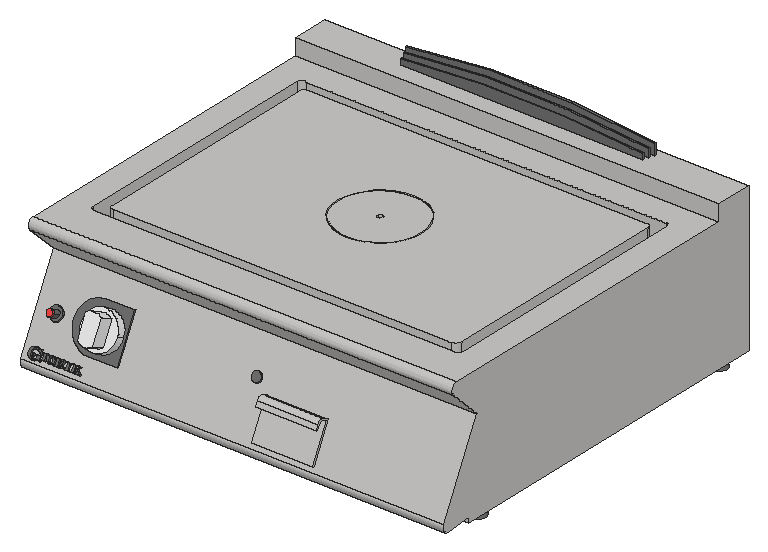
Revit family "QF_GIORIK_TG740T", category Specialty Equipment, Revit 2014
Parameters (values of type "TG740T")
  Weight in Pounds = 198.4158
  URL Cutsheet = "www.giorik.com"
  URL = "www.giorik.com"
  Status [instance] = ""
  Specification by User [instance] = ""
  Specification by Manufacturer = ""
  Show Logo [instance] = yes
  Show Clearance [instance] = yes
  Serial Number = ""
  Seismic Rating = ""
  SMACNA No = ""
  Revision Code [instance] = ""
  NAFEM Spec ID Number = ""
  Model = "TG740T"
  Mechanical Remarks [instance] = "Natural Gas"
  Mechanical Connection Type [instance] = ""
  Masterspec = ""
  Manufacturer = "GIORIK"
  Item Number [instance] = ""
  Installed By [instance] = ""
  Identify Quantity as Lot [instance] = no
  Gas Size = 1"
  Gas RI Height [instance] = 0 mm
  Gas KW = 12
  Gas Input = 12000 W
  Gas Connection Height [instance] = 20 mm
  Furnished By [instance] = ""
  Foodservice Equipment Identifier [instance] = yes
  Description = "GAS SOLID TOP HOB - COUNTERTOP VERSION"
  CSI MasterFormat = ""
  Assembly Code = "E1090320"
Reference planes
  plane 1 "Back": y = 0
  plane 2: z = 0
  plane 3 "Left": x = 0
  plane 4 "Right": x = 800
  plane 5 "Front": y = -720
  plane 6 "Top": z = 300
Forms (mm)
  Extrusion 1, solid, visible <- "Show Logo"
    sketch origin (-83.016, -736.761, 9.486) x (-1, 0, 0) y (0, 0.452718, 0.891654)
      loop
        line (-118.824, 58.358) -> (-127.804, 58.358) -> (-125.523, 56.445) -> (-125.523, 48.027) -> (-127.804, 46.113) -> (-118.824, 46.113) -> (-121.105, 48.027) -> (-121.105, 56.445) -> (-118.824, 58.358)
      loop
        line (-163.721, 58.358) -> (-172.7, 58.358) -> (-170.42, 56.445) -> (-170.42, 48.027) -> (-172.7, 46.113) -> (-163.721, 46.113) -> (-166.001, 48.027) -> (-166.001, 56.445) -> (-163.721, 58.358)
      loop
        line (-174.332, 58.358) -> (-183.312, 58.358) -> (-181.031, 56.445) -> (-181.031, 52.435) -> (-186.419, 56.955) -> (-184.416, 58.358) -> (-191.268, 58.358) -> (-188.01, 56.839) -> (-185.455, 54.283) -> (-190.846, 47.858) -> (-193.396, 46.93) -> (-193.396, 46.113) -> (-184.416, 46.113) -> (-185.437, 47.571) -> (-182.443, 51.552) -> (-181.031, 50.894) -> (-181.031, 48.027) -> (-183.312, 46.113) -> (-174.332, 46.113) -> (-176.613, 48.027) -> (-176.613, 56.445) -> (-174.332, 58.358)
      loop
        line (-115.429, 62.063) -> (-115.429, 54.198)
        arc (-115.429, 54.198) -> (-111.618, 57.803) -> (-106.847, 59.986) r 16.039
        arc (-106.847, 59.986) -> (-103.314, 59.837) -> (-100.512, 57.68) r 5.851
        arc (-100.512, 57.68) -> (-98.815, 52.267) -> (-100.512, 46.853) r 9.479
        arc (-100.512, 46.853) -> (-102.406, 44.986) -> (-104.846, 43.93) r 7.236
        arc (-104.846, 43.93) -> (-107.728, 44.111) -> (-110.052, 45.825) r 5.11
        line (-110.052, 45.825) -> (-110.052, 52.001) -> (-116.141, 52.001) -> (-116.141, 45.503) -> (-117.893, 43.751) -> (-114.094, 44.769)
        arc (-114.094, 44.769) -> (-112.56, 44.947) -> (-111.129, 44.366) r 3.115
        arc (-111.129, 44.366) -> (-104.216, 42.091) -> (-97.303, 44.366) r 11.641
        arc (-97.303, 44.366) -> (-93.396, 52.107) -> (-97.303, 59.849) r 9.622
        arc (-97.303, 59.849) -> (-104.369, 62.174) -> (-111.435, 59.849) r 11.898
        line (-111.435, 59.849) -> (-115.429, 62.063)
      loop
        arc (-129.234, 56.068) -> (-135.893, 58.628) -> (-142.552, 56.068) r 9.941
        arc (-142.552, 56.068) -> (-144.234, 52.286) -> (-142.552, 48.505) r 5.093
        arc (-142.552, 48.505) -> (-135.893, 45.945) -> (-129.234, 48.505) r 9.941
        arc (-129.234, 48.505) -> (-127.552, 52.286) -> (-129.234, 56.068) r 5.093
      loop
        arc (-132.628, 54.403) -> (-135.893, 57.668) -> (-139.158, 54.403) r 3.265
        line (-139.158, 54.403) -> (-139.158, 50.169)
        arc (-139.158, 50.169) -> (-135.893, 46.904) -> (-132.628, 50.169) r 3.265
        line (-132.628, 50.169) -> (-132.628, 54.403)
      loop
        arc (-156.363, 58.365) -> (-159.647, 55.081) -> (-156.363, 51.796) r 3.285
        line (-156.363, 51.796) -> (-159.529, 47.306) -> (-162.087, 46.113) -> (-155.847, 46.113) -> (-153.529, 51.083) -> (-150.637, 51.083) -> (-150.637, 47.784) -> (-153.022, 46.113) -> (-144.011, 46.113) -> (-146.094, 47.68) -> (-146.094, 56.493) -> (-144.229, 58.365) -> (-156.363, 58.365)
      loop
        line (-150.637, 57.512) -> (-153.637, 57.512)
        arc (-153.637, 57.512) -> (-156.237, 54.912) -> (-153.637, 52.312) r 2.6
        line (-153.637, 52.312) -> (-150.637, 52.312) -> (-150.637, 57.512)
      loop
        line (-108.924, 52.001) -> (-104.936, 49.005) -> (-100.948, 52.001) -> (-108.924, 52.001)
    from 1.5 to -0.5
  Extrusion 2, solid
    sketch origin (0, 1000, -620) x (0, 1, 0) y (0, 0, 1)
      loop
        line (-1000, 919.988) -> (-1070, 919.988) -> (-1070, 889.988) -> (-1688.806, 889.988)
        arc (-1688.806, 889.988) -> (-1699.151, 883.075) -> (-1696.724, 870.873) r 11.197
        line (-1696.724, 870.873) -> (-1640.876, 815.025) -> (-1718.948, 661.258)
        arc (-1718.948, 661.258) -> (-1718.233, 650.105) -> (-1708.118, 645.354) r 10.981
        line (-1708.118, 645.354) -> (-1660, 649.925) -> (-1660, 640) -> (-1000, 640) -> (-1000, 919.988)
    from 0 to 800
  Extrusion 3, void
    sketch origin (402.225, 0, 300) x (0, 1, 0) y (-1, 0, 0)
      loop
        line (-120.3, -337.775) -> (-120.3, 342.225)
        arc (-120.3, 342.225) -> (-123.229, 349.296) -> (-130.3, 352.225) r 10
        line (-130.3, 352.225) -> (-610.265, 352.225)
        arc (-610.265, 352.225) -> (-617.336, 349.296) -> (-620.265, 342.225) r 10
        line (-620.265, 342.225) -> (-620.265, -337.775)
        arc (-620.265, -337.775) -> (-617.336, -344.846) -> (-610.265, -347.775) r 10
        line (-610.265, -347.775) -> (-130.3, -347.775)
        arc (-130.3, -347.775) -> (-123.229, -344.846) -> (-120.3, -337.775) r 10
    from -30.012 to -70.012
  Extrusion 4, solid
    sketch origin (-199.411, 0, 229.988) x (0, 1, 0) y (-1, 0, 0)
      loop
        line (-140.3, -919.41) -> (-140.3, -280.219)
        arc (-140.3, -280.219) -> (-143.229, -273.148) -> (-150.3, -270.219) r 10
        line (-150.3, -270.219) -> (-590.265, -270.219)
        arc (-590.265, -270.219) -> (-597.336, -273.148) -> (-600.265, -280.219) r 10
        line (-600.265, -280.219) -> (-600.265, -919.41)
        arc (-600.265, -919.41) -> (-597.336, -926.481) -> (-590.265, -929.41) r 10
        line (-590.265, -929.41) -> (-150.3, -929.41)
        arc (-150.3, -929.41) -> (-143.229, -926.481) -> (-140.3, -919.41) r 10
      loop
        circle (-370.282, -599.41) r 80
    from 0 to 40
  Extrusion 5, solid
    sketch origin (-199.411, 0, 229.988) x (0, 1, 0) y (-1, 0, 0)
      loop
        circle (-370.282, -599.41) r 78
      loop
        circle (-370.282, -599.41) r 5
    from 0 to 40
  Extrusion 6, solid
    sketch origin (-294.488, -963.345, -547.637) x (1, 0, 0) y (0, 0.452718, 0.891654)
      loop
        line (463.221, 676.25) -> (463.221, 766.25) -> (409.698, 766.25)
        arc (409.698, 766.25) -> (364.698, 721.25) -> (409.698, 676.25) r 45
        line (409.698, 676.25) -> (463.221, 676.25)
    from 48 to 50
  Extrusion 7, solid
    sketch origin (480.064, -1008.697, -525.041) x (-1, 0, 0) y (0, -0.45351, -0.891251)
      loop
        circle (351.331, -721.346) r 35
    from 0 to 15
  Extrusion 8, solid
    sketch origin (480.064, -1008.697, -525.041) x (-1, 0, 0) y (0, -0.45351, -0.891251)
      loop
        arc (336.331, -743.846) -> (351.331, -748.846) -> (366.331, -743.846) r 25
        line (366.331, -743.846) -> (366.331, -698.846)
        arc (366.331, -698.846) -> (351.331, -693.846) -> (336.331, -698.846) r 25
        line (336.331, -698.846) -> (336.331, -743.846)
    from 15 to 40
  Extrusion 9, solid
    sketch origin (76.202, -980.519, -530.853) x (-1, 0, 0) y (0, -0.452718, -0.891654)
      loop
        circle (38.702, -711.666) r 12.5
    from 25 to 27
  Extrusion 10, solid
    sketch origin (802.41, -1007.501, -524.356) x (-1, 0, 0) y (0, -0.452718, -0.891654)
      loop
        circle (764.91, -718.089) r 6
    from 0 to 15
  Extrusion 11, solid
    sketch origin (802.41, -1008.537, -523.83) x (-1, 0, 0) y (0, -0.452718, -0.891654)
      loop
        circle (764.91, -718.089) r 6
    from 13.838 to 15.838
  Extrusion 12, solid
    sketch origin (297.5, -1006.711, -435.84) x (0, 0.891654, -0.452718) y (0, 0.452718, 0.891654)
      loop
        line (40, 640.1) -> (30, 640.1)
        arc (30, 640.1) -> (22.929, 637.171) -> (20, 630.1) r 10
        line (20, 630.1) -> (20, 620.1) -> (22, 620.1) -> (22, 630.1)
        arc (22, 630.1) -> (24.343, 635.757) -> (30, 638.1) r 8
        line (30, 638.1) -> (38, 638.1) -> (38, 565.1) -> (40, 565.1) -> (40, 640.1)
    from 137.5 to 252.5
  Extrusion 13, solid
    sketch origin (447.657, -970.912, -511.735) x (-1, 0, 0) y (0, -0.452718, -0.891654)
      loop
        circle (38.657, -711.64) r 9
    from 25 to 27
  Extrusion 14, solid
    sketch origin (36.031, 0, -610.002) x (1, 0, 0) y (0, 0, 1)
      loop
        line (135, 909.989) -> (592.969, 909.989) -> (592.969, 919.989) -> (440.969, 929.989) -> (287, 929.989) -> (135, 919.989) -> (135, 909.989)
    from 32 to 35
  Extrusion 15, solid
    sketch origin (38, 10, -610.002) x (1, 0, 0) y (0, 0, 1)
      loop
        line (594, 909.989) -> (594, 924.989) -> (440, 937.489) -> (284, 937.489) -> (130, 925.001) -> (130, 909.989) -> (594, 909.989)
    from 32 to 35
  Extrusion 16, solid
    sketch origin (40, 20, -610.002) x (1, 0, 0) y (0, 0, 1)
      loop
        line (595, 909.989) -> (595, 930.001) -> (439, 945.258) -> (281, 945.258) -> (125, 929.989) -> (125, 909.989) -> (595, 909.989)
    from 32 to 35
  Extrusion 17, solid
    sketch origin (-4, 0, 0) x (1, 0, 0) y (0, 1, 0)
      loop
        circle (54, -385) r 12.5
    from 5 to 20
  Extrusion 18, solid
    sketch origin (543.603, 45.293, -30) x (0, 1, 0) y (-1, 0, 0)
      loop
        circle (-79.293, 516.603) r 5
    from 41.965 to 50
  Revolve 19, solid
    sketch origin (27, 49.943, -600) x (0, 1, 0) y (0, 0, 1)
      loop
        line (-83.943, 611.965) -> (-94.752, 611.965) -> (-97.943, 600) -> (-83.943, 600) -> (-83.943, 611.965)
      axis (-83.943, 611.965) -> (-83.943, 600)
    angle from 0 to 360
  Extrusion 20, solid
    sketch origin (543.603, -524.707, -30) x (0, 1, 0) y (-1, 0, 0)
      loop
        circle (-79.293, 516.603) r 5
    from 41.965 to 50
  Revolve 21, solid
    sketch origin (27, -520.057, -600) x (0, 1, 0) y (0, 0, 1)
      loop
        line (-83.943, 611.965) -> (-94.752, 611.965) -> (-97.943, 600) -> (-83.943, 600) -> (-83.943, 611.965)
      axis (-83.943, 611.965) -> (-83.943, 600)
    angle from 0 to 360
  Extrusion 22, solid
    sketch origin (256.397, 45.293, -30) x (0, 1, 0) y (-1, 0, 0)
      loop
        circle (-79.293, -516.603) r 5
    from 41.965 to 50
  Revolve 23, solid
    sketch origin (773, 49.943, -600) x (0, 1, 0) y (0, 0, -1)
      loop
        line (-83.943, -611.965) -> (-83.943, -600) -> (-97.943, -600) -> (-94.752, -611.965) -> (-83.943, -611.965)
      axis (-83.943, -611.965) -> (-83.943, -600)
    angle from 0 to 360
  Extrusion 24, solid
    sketch origin (256.397, -524.707, -30) x (0, 1, 0) y (-1, 0, 0)
      loop
        circle (-79.293, -516.603) r 5
    from 41.965 to 50
  Revolve 25, solid
    sketch origin (773, -520.057, -600) x (0, 1, 0) y (0, 0, -1)
      loop
        line (-83.943, -611.965) -> (-83.943, -600) -> (-97.943, -600) -> (-94.752, -611.965) -> (-83.943, -611.965)
      axis (-83.943, -611.965) -> (-83.943, -600)
    angle from 0 to 360
Cuts and joins
  Extrusion 3 cuts Extrusion 2
Lines and regions (mm)
  symbolic lines, style "200-EquipBorder-2D"
    curve 1: line (0, -720, 0) -> (800, -720, 0)
    curve 2: line (800, -720, 0) -> (800, 0, 0)
    curve 3: line (800, 0, 0) -> (0, 0, 0)
    curve 4: line (0, 0, 0) -> (0, -720, 0)
  symbolic lines, style "200-EquipInternal-2D"
    curve 5: line (0, -70, 300) -> (800, -70, 300)
    curve 6: circle (399.999, -370.282, 300) r 80 normal (0, 0, 1)
    curve 7: circle (399.999, -370.282, 300) r 78 normal (0, 0, 1)
    curve 8: circle (399.999, -370.282, 300) r 5 normal (0, 0, 1)
    curve 9: line (165, -12, 900) -> (635, -12, 900)
    curve 10: line (635, -12, 900) -> (635, -15, 900)
    curve 11: line (635, -15, 900) -> (165, -15, 900)
    curve 12: line (165, -15, 900) -> (165, -12, 900)
    curve 13: line (168, -22, 900) -> (632, -22, 900)
    curve 14: line (632, -22, 900) -> (632, -25, 900)
    curve 15: line (632, -25, 900) -> (168, -25, 900)
    curve 16: line (168, -25, 900) -> (168, -22, 900)
    curve 17: line (171.031, -32, 900) -> (629, -32, 900)
    curve 18: line (629, -32, 900) -> (629, -35, 900)
    curve 19: line (629, -35, 900) -> (171.031, -35, 900)
    curve 20: line (171.031, -35, 900) -> (171.031, -32, 900)
    curve 21: line (740, -120.3, 300) -> (60, -120.3, 300)
    curve 22: line (719.999, -140.3, 300) -> (80.808, -140.3, 300)
    curve 23: line (70.808, -150.3, 300) -> (70.808, -590.265, 300)
    curve 24: line (50, -130.3, 300) -> (50, -610.265, 300)
    curve 25: arc (80.808, -140.3, 300) -> (73.737, -143.229, 300) -> (70.808, -150.3, 300) r 10
    curve 26: arc (60, -120.3, 300) -> (52.929, -123.229, 300) -> (50, -130.3, 300) r 10
    curve 27: arc (729.999, -150.3, 300) -> (727.07, -143.229, 300) -> (719.999, -140.3, 300) r 10
    curve 28: arc (750, -130.3, 300) -> (747.071, -123.229, 300) -> (740, -120.3, 300) r 10
    curve 29: line (750, -610.265, 300) -> (750, -130.3, 300)
    curve 30: line (729.999, -590.265, 300) -> (729.999, -150.3, 300)
    curve 31: arc (740, -620.265, 300) -> (747.071, -617.336, 300) -> (750, -610.265, 300) r 10
    curve 32: arc (719.999, -600.265, 300) -> (727.07, -597.336, 300) -> (729.999, -590.265, 300) r 10
    curve 33: line (80.808, -600.265, 300) -> (719.999, -600.265, 300)
    curve 34: line (60, -620.265, 300) -> (740, -620.265, 300)
    curve 35: arc (70.808, -590.265, 300) -> (73.737, -597.336, 300) -> (80.808, -600.265, 300) r 10
    curve 36: arc (50, -610.265, 300) -> (52.929, -617.336, 300) -> (60, -620.265, 300) r 10
Dimensions and locks
  plane 3 "Left" to plane 4 "Right" = 800 mm
  plane 5 "Front" to plane 1 "Back" = 720 mm
  plane 4 "Right" to plane 3 "Left" = 800 mm
  plane 1 "Back" to plane 5 "Front" = 720 mm
  plane 6 "Top" to level = 300 mm  (x2)
  aligned and locked: level to plane 2
Connectors
  piping at (50, -385, 5), diameter 25.4, driven by "Gas Size"
    settings: on Extrusion 17, index 2, connector inside diameter 24", connector length 0 mm, flow factor 0, pipe flow 0.0 L/s, pressure drop 0.0 Pa, fitting loss kfactor 0, connector angle 0.00°, fixture units 0, engagement length 0 mm, angle of deflection 0.00°, flow configuration 1, flow direction 1, fitting loss method 0, system type 22, joint type 0, gender type 0, connector reference index -1, connector utility 0, adjustable connector no, is connector primary yes, connector description "Gas inlet"
